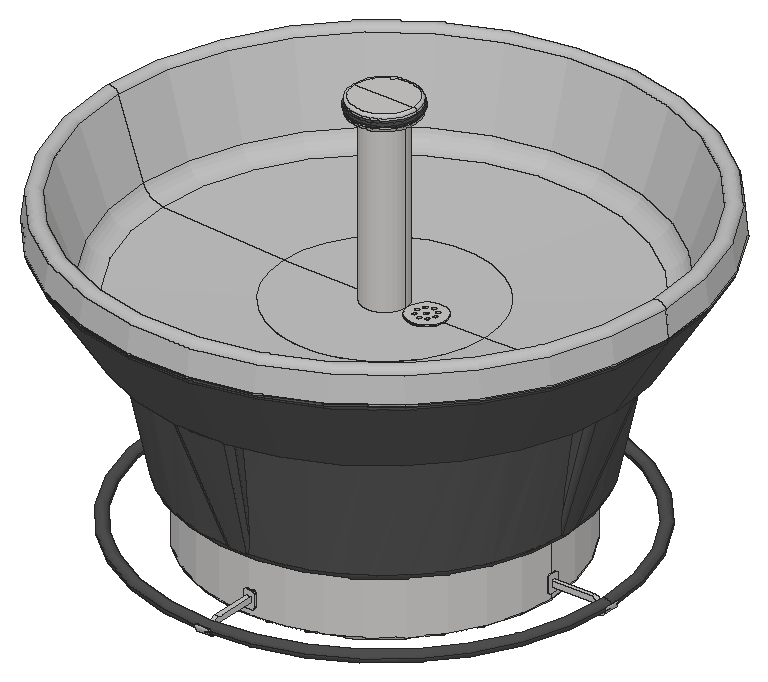
Revit family "Washfountain_Lavatory-Bradley_Corp-WF2808-Type_H_Drain", category Plumbing Fixtures, Revit 2012 (continued)
Automatic sketch dimensions
  Revolve 34 sketch curve to plane 1 "Center (Front/Back)" = 0.000"
  Revolve 34 sketch curve to plane 7 "Back" = 9.72686"
  Revolve 34 sketch curve to plane 7 "Back" = 4.99408"
  Revolve 34 sketch curve to level = 5.10276"
  level to Revolve 34 sketch curve = 5.66694"
  Revolve 34 sketch curve to plane 14 "Pedestal Height" = 7.880"
  Revolve 34 sketch curve to plane 14 "Pedestal Height" = 2.49476"
  Revolve 37 sketch curve to curve 7 = 0.000"
  Revolve 37 sketch curve to Revolve 37 sketch curve = 0.000"
  Revolve 37 sketch curve to curve 7 = 3.1566"
  Revolve 37 sketch curve to Revolve 37 sketch curve = 0.06932"
  Revolve 37 sketch curve to Revolve 37 sketch curve = 1.18872"
  Revolve 37 sketch curve to curve 7 = 1.31128"
  curve 6 to Masking region 36 sketch curve = 1.8649"  (x2)
  curve 6 to Masking region 36 sketch curve = 0.8649"  (x2)
  Masking region 37 sketch curve to curve 6 = 1.6149"  (x2)
  Masking region 37 sketch curve to Masking region 37 sketch curve = 0.500"  (x2)
  radius of curve 105 = 21.000"
  radius of Masking region 17 sketch curve = 27.000"
  radius of curve 136 = 1.750"
  radius of curve 137 = 1.250"
  radius of curve 138 = 0.1842"
  radius of curve 139 = 0.1842"
  radius of curve 140 = 0.1842"
  radius of curve 141 = 0.1842"
  radius of curve 142 = 0.1842"
  radius of curve 143 = 0.1842"
  radius of curve 144 = 0.1842"
  radius of curve 145 = 0.1842"
  radius of curve 146 = 0.1842"
  radius of curve 147 = 25.300"
  radius of curve 251 = 21.000"
  radius of Masking region 18 sketch curve = 6.22592"
  radius of curve 45 = 4.17907"
  radius of Masking region 19 sketch curve = 4.57537"
  radius of curve 46 = 2.10282"
  radius of Masking region 20 sketch curve = 3.12875"
  radius of curve 47 = 2.000"
  radius of Masking region 21 sketch curve = 2.000"
  radius of Extrusion 12 sketch curve = 2.000"
  radius of Extrusion 13 sketch curve = 2.000"
  radius of Sweep 16 sketch curve = 0.500"
  radius of curve 170 = 0.18079"
  radius of curve 171 = 0.18079"
  radius of curve 185 = 0.18079"
  radius of curve 186 = 0.18079"
  radius of curve 219 = 0.17708"
  radius of curve 220 = 0.17708"
  radius of curve 233 = 0.17708"
  radius of curve 234 = 0.17708"
  radius of Extrusion 25 sketch curve = 1.750"
  radius of Extrusion 26 sketch curve = 0.1842"  (x9)
  radius of curve 135 to Extrusion 26 = 0.500"
  radius of Extrusion 38 sketch curve = 0.500"
  radius of Extrusion 39 sketch curve = 0.500"
  radius of Extrusion 40 sketch curve = 0.250"
  radius of Extrusion 41 sketch curve = 0.250"
Connectors (in)
  piping at (-7.625, 2.5, 0), driven by "Hot Lavatory Inlet Radius", driven by "HWFU"
    settings: on Extrusion 36, index 1, connector radius 1/2", flow factor 0, pipe flow 0.0 GPM, pressure drop 0.0 psi, fitting loss kfactor 0, connector angle 0.00°, fixture units 0, engagement length 0.000", flow configuration 3, flow direction 1, fitting loss method 0, system type 19, joint type 0, gender type 0, connector reference index -1, connector utility 0, adjustable connector no, is connector primary yes, fitting loss table "", connector description "Hot Lavatory Inlet"
  piping at (7.625, 2.5, 0), driven by "Cold Lavatory Inlet Radius", driven by "CWFU"
    settings: on Extrusion 36, index 2, connector radius 1/2", flow factor 0, pipe flow 0.0 GPM, pressure drop 0.0 psi, fitting loss kfactor 0, connector angle 0.00°, fixture units 0, engagement length 0.000", flow configuration 3, flow direction 1, fitting loss method 0, system type 20, joint type 0, gender type 0, connector reference index -1, connector utility 0, adjustable connector no, is connector primary no, fitting loss table "", connector description "Cold Lavatory Inlet"
  piping at (-4, 0, 0), driven by "Drain Radius", driven by "WFU"
    settings: on Extrusion 27, index 3, connector radius 1", flow factor 0, pipe flow 0.0 GPM, pressure drop 0.0 psi, fitting loss kfactor 0, connector angle 0.00°, fixture units 0, engagement length 0.000", flow configuration 3, flow direction 2, fitting loss method 0, system type 16, joint type 0, gender type 0, connector reference index -1, connector utility 0, adjustable connector yes, is connector primary no, fitting loss table "", connector description "Drain"
  piping at (0, 0, 37.25), driven by "Vent Radius", driven by "WFU"
    settings: on Extrusion 35, index 4, connector radius 3/4", flow factor 0, pipe flow 0.0 GPM, pressure drop 0.0 psi, fitting loss kfactor 0, connector angle 0.00°, fixture units 0, engagement length 0.000", flow configuration 3, flow direction 2, fitting loss method 0, system type 16, joint type 0, gender type 0, connector reference index -1, connector utility 0, adjustable connector yes, is connector primary no, fitting loss table "", connector description "Vent"
  electrical at (0, 5, 0), driven by "Voltage"
    settings: on Extrusion 27, index 5, voltage 110 V, apparent load 0 VA, apparent load phase1 0 VA, apparent load phase2 0 VA, apparent load phase3 0 VA, power factor 1, load classification "Other", number of poles 1, system type 31, power factor state 1, is connector primary yes, connector utility no, sub classification motor no, connector description ""
